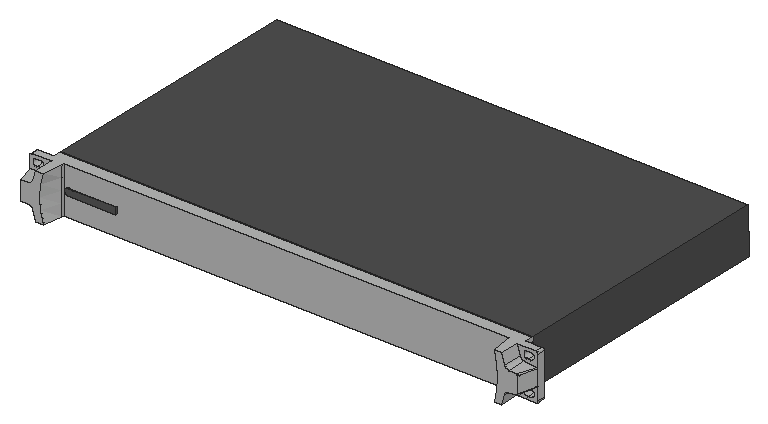
Revit family "DM8500", category Communication Devices, Revit 2020
Family settings
  Maintain Annotation Orientation = No
  Round Connector Dimension = Use Diameter
  Part Type = Normal
  Work Plane-Based = Yes
  Always vertical = No
  Cut with Voids When Loaded = Yes
  Shared = No
  Room Calculation Point = No
Parameters
  Model = "DM8500"
  Manufacturer = "Klark Teknik"
  Default Elevation = 0 mm
Reference planes
  plane 1 "Center (Front/Back)": y = 0
  plane 2: z = 0
  plane 3 "Center (Left/Right)": x = 0
Forms (mm)
  Extrusion 1, solid, material "Aluminium"
    sketch origin (0, 0, 0) x (1, 0, 0) y (0, 0, 1)
      loop
        line (211.182, 43.912) -> (211.182, 0) -> (239.3, 0)
        arc (239.3, 0) -> (240.714, 0.586) -> (241.3, 2) r 2
        line (241.3, 2) -> (241.3, 41.912)
        arc (241.3, 41.912) -> (240.714, 43.327) -> (239.3, 43.912) r 2
        line (239.3, 43.912) -> (211.182, 43.912)
    from 0 to 7
  Blend 2, solid, material "Aluminium"
    base sketch origin (0, 0, 0) x (1, 0, 0) y (0, 0, 1)
      loop
        line (211.182, 0.002) -> (221.174, 0.002) -> (223.887, 9.452)
        arc (223.887, 9.452) -> (225.271, 11.599) -> (227.612, 12.622) r 4.422
        line (227.612, 12.622) -> (240.37, 13.514)
        arc (240.37, 13.514) -> (241.032, 13.83) -> (241.3, 14.511) r 0.999
        line (241.3, 14.511) -> (241.3, 29.403)
        arc (241.3, 29.403) -> (241.032, 30.085) -> (240.37, 30.4) r 0.999
        line (240.37, 30.4) -> (227.612, 31.292)
        arc (227.612, 31.292) -> (225.271, 32.315) -> (223.887, 34.462) r 4.422
        line (223.887, 34.462) -> (221.174, 43.912) -> (211.182, 43.912) -> (211.182, 0.002)
    top sketch origin (0, 0, 0) x (1, 0, 0) y (0, 0, 1)
      loop
        arc (213.996, 43.912) -> (217.745, 21.957) -> (213.996, 0.002) r 66.157
        line (213.996, 0.002) -> (221.174, 0.002) -> (223.887, 9.452)
        arc (223.887, 9.452) -> (225.271, 11.599) -> (227.612, 12.622) r 4.422
        line (227.612, 12.622) -> (235.29, 13.159)
        arc (235.29, 13.159) -> (235.917, 13.439) -> (236.215, 14.057) r 1
        arc (236.215, 14.057) -> (236.609, 21.957) -> (236.216, 29.857) r 79.47
        arc (236.216, 29.857) -> (235.917, 30.475) -> (235.291, 30.755) r 1
        line (235.291, 30.755) -> (227.612, 31.292)
        arc (227.612, 31.292) -> (225.271, 32.315) -> (223.887, 34.462) r 4.422
        line (223.887, 34.462) -> (221.174, 43.912) -> (213.996, 43.912)
    from 7 to 25
  Extrusion 3, void
    sketch origin (0, 0, 0) x (1, 0, 0) y (0, 0, 1)
      loop
        line (231.55, 34.327) -> (234.54, 34.327)
        arc (234.54, 34.327) -> (238.045, 37.832) -> (234.54, 41.337) r 3.505
        line (234.54, 41.337) -> (231.55, 41.337)
        arc (231.55, 41.337) -> (228.045, 37.832) -> (231.55, 34.327) r 3.505
    from 0 to 7
  Extrusion 4, void
    sketch origin (0, 0, 0) x (1, 0, 0) y (0, 0, 1)
      loop
        line (231.55, 2.624) -> (234.54, 2.624)
        arc (234.54, 2.624) -> (238.045, 6.129) -> (234.54, 9.634) r 3.505
        line (234.54, 9.634) -> (231.55, 9.634)
        arc (231.55, 9.634) -> (228.045, 6.129) -> (231.55, 2.624) r 3.505
    from 0 to 7
  Extrusion 5, solid, material "Aluminium"
    sketch origin (0, 0, 0) x (1, 0, 0) y (0, 0, 1)
      loop
        line (211.182, 43.912) -> (-211.182, 43.912) -> (-211.182, 0) -> (211.182, 0) -> (211.182, 43.912)
    from 0 to 4.6
  Extrusion 6, solid, material "Aluminium"
    sketch origin (0, 0, 0) x (-1, 0, 0) y (0, 0, -1)
      loop
        line (211.182, -43.912) -> (239.3, -43.912)
        arc (239.3, -43.912) -> (240.714, -43.327) -> (241.3, -41.912) r 2
        line (241.3, -41.912) -> (241.3, -2)
        arc (241.3, -2) -> (240.714, -0.586) -> (239.3, 0) r 2
        line (239.3, 0) -> (211.182, 0) -> (211.182, -43.912)
    from 0 to 7
  Blend 7, solid, material "Aluminium"
    base sketch origin (0, 0, 0) x (-1, 0, 0) y (0, 0, -1)
      loop
        line (211.182, -0.002) -> (211.182, -43.912) -> (221.174, -43.912) -> (223.887, -34.462)
        arc (223.887, -34.462) -> (225.271, -32.315) -> (227.612, -31.292) r 4.422
        line (227.612, -31.292) -> (240.37, -30.4)
        arc (240.37, -30.4) -> (241.032, -30.085) -> (241.3, -29.403) r 0.999
        line (241.3, -29.403) -> (241.3, -14.511)
        arc (241.3, -14.511) -> (241.032, -13.83) -> (240.37, -13.514) r 0.999
        line (240.37, -13.514) -> (227.612, -12.622)
        arc (227.612, -12.622) -> (225.271, -11.599) -> (223.887, -9.452) r 4.422
        line (223.887, -9.452) -> (221.174, -0.002) -> (211.182, -0.002)
    top sketch origin (0, 0, 0) x (-1, 0, 0) y (0, 0, -1)
      loop
        line (213.996, -43.912) -> (221.174, -43.912) -> (223.887, -34.462)
        arc (223.887, -34.462) -> (225.271, -32.315) -> (227.612, -31.292) r 4.422
        line (227.612, -31.292) -> (235.291, -30.755)
        arc (235.291, -30.755) -> (235.917, -30.475) -> (236.216, -29.857) r 1
        arc (236.216, -29.857) -> (236.609, -21.957) -> (236.215, -14.057) r 79.47
        arc (236.215, -14.057) -> (235.917, -13.439) -> (235.29, -13.159) r 1
        line (235.29, -13.159) -> (227.612, -12.622)
        arc (227.612, -12.622) -> (225.271, -11.599) -> (223.887, -9.452) r 4.422
        line (223.887, -9.452) -> (221.174, -0.002) -> (213.996, -0.002)
        arc (213.996, -0.002) -> (217.745, -21.957) -> (213.996, -43.912) r 66.157
    from 7 to 25
  Extrusion 8, void
    sketch origin (0, 0, 0) x (-1, 0, 0) y (0, 0, -1)
      loop
        arc (231.55, -34.327) -> (228.045, -37.832) -> (231.55, -41.337) r 3.505
        line (231.55, -41.337) -> (234.54, -41.337)
        arc (234.54, -41.337) -> (238.045, -37.832) -> (234.54, -34.327) r 3.505
        line (234.54, -34.327) -> (231.55, -34.327)
    from 0 to 7
  Extrusion 9, void
    sketch origin (0, 0, 0) x (-1, 0, 0) y (0, 0, -1)
      loop
        arc (231.55, -2.624) -> (228.045, -6.129) -> (231.55, -9.634) r 3.505
        line (231.55, -9.634) -> (234.54, -9.634)
        arc (234.54, -9.634) -> (238.045, -6.129) -> (234.54, -2.624) r 3.505
        line (234.54, -2.624) -> (231.55, -2.624)
    from 0 to 7
  Extrusion 10, solid, material "Aluminium"
    sketch origin (0, 0, 0) x (1, 0, 0) y (0, 0, 1)
      loop
        line (-223.996, 0) -> (223.996, 0) -> (223.996, 43.914) -> (-223.996, 43.914) -> (-223.996, 0)
    from 0 to -8
  Extrusion 11, solid, material "ABS - Black"
    sketch origin (0, 0, 0) x (1, 0, 0) y (0, 0, 1)
      loop
        arc (-206.204, 25.047) -> (-209.295, 21.957) -> (-206.204, 18.867) r 3.09
        line (-206.204, 18.867) -> (-161.295, 18.867) -> (-161.295, 25.047) -> (-206.204, 25.047)
    from 4.6 to 5.6
  Extrusion 12, solid, material "Steel, Paint Finish, Black"
    sketch origin (0, 0, 0) x (1, 0, 0) y (0, 0, 1)
      loop
        line (-223.996, 0) -> (223.996, 0) -> (223.996, 43.914) -> (-223.996, 43.914) -> (-223.996, 0)
    from -8 to -264
Cuts and joins
  Extrusion 3, Extrusion 4, Extrusion 8, Extrusion 9 cuts Extrusion 1
  Extrusion 8, Extrusion 9 cuts Extrusion 6
  joined: Extrusion 1, Blend 2, Extrusion 5, Extrusion 6, Blend 7, Extrusion 10
Lines and regions (mm)
  Split face 1
    outline origin (0, -4.6, 0) x (1, 0, 0) y (0, 0, 1)
      loop
        line (211.182, 3.234) -> (99.862, 3.234) -> (99.862, 40.681) -> (211.182, 40.681)
  Split face 2
    outline origin (0, -4.6, 0) x (1, 0, 0) y (0, 0, 1)
      loop
        line (-211.182, 40.681) -> (-99.861, 40.681) -> (-99.861, 3.234) -> (-211.182, 3.234)
  Split face 3
    outline origin (0, -4.6, 0) x (1, 0, 0) y (0, 0, 1)
      loop
        line (-203.762, 38.457) -> (-203.762, 5.457) -> (-101.262, 5.457) -> (-101.262, 38.457) -> (-203.762, 38.457)
  Split face 4
    outline origin (0, -4.6, 0) x (1, 0, 0) y (0, 0, 1)
      loop
        line (101.262, 38.457) -> (101.262, 5.457) -> (203.762, 5.457) -> (203.762, 38.457) -> (101.262, 38.457)
  Split face 5
    outline origin (0, -4.6, 0) x (1, 0, 0) y (0, 0, 1)
      loop
        line (-99.861, 40.681) -> (99.862, 40.681)
  Split face 6
    outline origin (0, -4.6, 0) x (1, 0, 0) y (0, 0, 1)
      loop
        line (99.862, 3.234) -> (-99.861, 3.234)
  Split face 7
    outline origin (4.229, 264, 1.972) x (1, 0, 0) y (0, 0, 1)
      loop
        line (191.945, 33.85) -> (172.545, 33.85)
        arc (172.545, 33.85) -> (168.656, 32.239) -> (167.045, 28.35) r 5.5
        line (167.045, 28.35) -> (167.045, 16.95)
        arc (167.045, 16.95) -> (168.656, 13.061) -> (172.545, 11.45) r 5.5
        line (172.545, 11.45) -> (191.945, 11.45)
        arc (191.945, 11.45) -> (195.834, 13.061) -> (197.445, 16.95) r 5.5
        line (197.445, 16.95) -> (197.445, 28.35)
        arc (197.445, 28.35) -> (195.834, 32.239) -> (191.945, 33.85) r 5.5
  Split face 8
    outline origin (4.229, 264, 1.972) x (1, 0, 0) y (0, 0, 1)
      loop
        line (194.056, 26.692) -> (190.288, 30.46)
        arc (190.288, 30.46) -> (189.801, 30.785) -> (189.227, 30.9) r 1.5
        line (189.227, 30.9) -> (175.263, 30.9)
        arc (175.263, 30.9) -> (174.689, 30.785) -> (174.202, 30.46) r 1.5
        line (174.202, 30.46) -> (170.434, 26.692)
        arc (170.434, 26.692) -> (170.109, 26.206) -> (169.995, 25.632) r 1.5
        line (169.995, 25.632) -> (169.995, 17.15)
        arc (169.995, 17.15) -> (170.8, 15.205) -> (172.745, 14.4) r 2.75
        line (172.745, 14.4) -> (191.745, 14.4)
        arc (191.745, 14.4) -> (193.69, 15.205) -> (194.495, 17.15) r 2.75
        line (194.495, 17.15) -> (194.495, 25.632)
        arc (194.495, 25.632) -> (194.381, 26.206) -> (194.056, 26.692) r 1.5
  Split face 9
    outline origin (4.229, 264, 1.972) x (1, 0, 0) y (0, 0, 1)
      loop
        line (190.245, 22.65) -> (188.245, 22.65) -> (188.245, 18.65) -> (190.245, 18.65) -> (190.245, 22.65)
  Split face 10
    outline origin (4.229, 264, 1.972) x (1, 0, 0) y (0, 0, 1)
      loop
        line (183.245, 22.65) -> (183.245, 26.65) -> (181.245, 26.65) -> (181.245, 22.65) -> (183.245, 22.65)
  Split face 11
    outline origin (4.229, 264, 1.972) x (1, 0, 0) y (0, 0, 1)
      loop
        line (176.245, 22.65) -> (174.245, 22.65) -> (174.245, 18.65) -> (176.245, 18.65) -> (176.245, 22.65)
  Split face 12
    outline origin (22.381, 264, 3.585) x (1, 0, 0) y (0, 0, 1)
      loop
        line (110.717, 34.95) -> (93.117, 34.95) -> (93.117, 7.45) -> (110.717, 7.45) -> (110.717, 34.95)
  Split face 13
    outline origin (-144.129, 264, 20.908) x (1, 0, 0) y (0, 0, 1)
      loop
        line (136.296, 18.95) -> (134.096, 18.95) -> (134.096, 16.45) -> (104.355, 16.45) -> (104.355, 18.95) -> (102.155, 18.95) -> (102.155, 16.45) -> (98.645, 16.45) -> (98.645, 7.35) -> (139.954, 7.35) -> (139.954, 16.45) -> (136.296, 16.45) -> (136.296, 18.95)
  Split face 14
    outline origin (-144.129, 264, 20.908) x (1, 0, 0) y (0, 0, 1)
      loop
        line (139.7, 16.15) -> (98.75, 16.15) -> (98.75, 10.099)
        arc (98.75, 10.099) -> (101.448, 9.155) -> (104.222, 9.843) r 5
        arc (104.222, 9.843) -> (106.762, 9.15) -> (109.302, 9.843) r 5
        arc (109.302, 9.843) -> (111.818, 9.15) -> (114.341, 9.819) r 5
        arc (114.341, 9.819) -> (116.864, 9.15) -> (119.38, 9.843) r 5
        arc (119.38, 9.843) -> (121.92, 9.15) -> (124.46, 9.843) r 5
        arc (124.46, 9.843) -> (127, 9.15) -> (129.54, 9.843) r 5
        arc (129.54, 9.843) -> (132.08, 9.15) -> (134.62, 9.843) r 5
        arc (134.62, 9.843) -> (137.16, 9.15) -> (139.7, 9.843) r 5
        line (139.7, 9.843) -> (139.7, 16.15)
  Split face 15
    outline origin (22.381, 264, 3.585) x (1, 0, 0) y (0, 0, 1)
      loop
        line (108.417, 18.55) -> (95.417, 18.55) -> (95.417, 12.55) -> (98.417, 12.55) -> (98.417, 9.55) -> (100.417, 9.55) -> (100.417, 8.55) -> (103.417, 8.55) -> (103.417, 9.55) -> (105.417, 9.55) -> (105.417, 12.55) -> (108.417, 12.55) -> (108.417, 18.55)
  Split face 16
    outline origin (22.381, 264, 3.585) x (1, 0, 0) y (0, 0, 1)
      loop
        line (95.417, 22.549) -> (108.417, 22.549) -> (108.417, 28.549) -> (105.417, 28.549) -> (105.417, 31.549) -> (103.417, 31.549) -> (103.417, 32.549) -> (100.417, 32.549) -> (100.417, 31.549) -> (98.417, 31.549) -> (98.417, 28.549) -> (95.417, 28.549) -> (95.417, 22.549)
  Split face 17
    outline origin (-3.041, 264, 3.638) x (1, 0, 0) y (0, 0, 1)
      loop
        line (69.469, 7.35) -> (69.469, 16.45) -> (66.035, 16.45) -> (66.035, 18.95) -> (63.835, 18.95) -> (63.835, 16.45) -> (59.355, 16.45) -> (59.355, 18.95) -> (57.155, 18.95) -> (57.155, 16.45) -> (50.16, 16.45) -> (50.16, 18.95) -> (47.96, 18.95) -> (47.96, 16.45) -> (43.48, 16.45) -> (43.48, 18.95) -> (41.28, 18.95) -> (41.28, 16.45) -> (37.846, 16.45) -> (37.846, 7.35) -> (69.469, 7.35)
  Split face 18
    outline origin (-3.041, 264, 3.638) x (1, 0, 0) y (0, 0, 1)
      loop
        line (33.909, 7.35) -> (33.909, 16.45) -> (30.475, 16.45) -> (30.475, 18.95) -> (28.275, 18.95) -> (28.275, 16.45) -> (23.795, 16.45) -> (23.795, 18.95) -> (21.595, 18.95) -> (21.595, 16.45) -> (14.6, 16.45) -> (14.6, 18.95) -> (12.4, 18.95) -> (12.4, 16.45) -> (7.92, 16.45) -> (7.92, 18.95) -> (5.72, 18.95) -> (5.72, 16.45) -> (2.286, 16.45) -> (2.286, 7.35) -> (33.909, 7.35)
  Split face 19
    outline origin (-3.041, 264, 3.638) x (1, 0, 0) y (0, 0, 1)
      loop
        line (-1.651, 7.35) -> (-1.651, 16.45) -> (-5.085, 16.45) -> (-5.085, 18.95) -> (-7.285, 18.95) -> (-7.285, 16.45) -> (-11.765, 16.45) -> (-11.765, 18.95) -> (-13.965, 18.95) -> (-13.965, 16.45) -> (-20.96, 16.45) -> (-20.96, 18.95) -> (-23.16, 18.95) -> (-23.16, 16.45) -> (-27.64, 16.45) -> (-27.64, 18.95) -> (-29.84, 18.95) -> (-29.84, 16.45) -> (-33.274, 16.45) -> (-33.274, 7.35) -> (-1.651, 7.35)
  Split face 20
    outline origin (-3.041, 264, 3.638) x (1, 0, 0) y (0, 0, 1)
      loop
        line (-37.211, 7.35) -> (-37.211, 16.45) -> (-40.645, 16.45) -> (-40.645, 18.95) -> (-42.845, 18.95) -> (-42.845, 16.45) -> (-47.325, 16.45) -> (-47.325, 18.95) -> (-49.525, 18.95) -> (-49.525, 16.45) -> (-56.52, 16.45) -> (-56.52, 18.95) -> (-58.72, 18.95) -> (-58.72, 16.45) -> (-63.2, 16.45) -> (-63.2, 18.95) -> (-65.4, 18.95) -> (-65.4, 16.45) -> (-68.834, 16.45) -> (-68.834, 7.35) -> (-37.211, 7.35)
  Split face 21
    outline origin (-3.041, 264, 3.638) x (1, 0, 0) y (0, 0, 1)
      loop
        line (-72.771, 7.35) -> (-72.771, 16.45) -> (-76.205, 16.45) -> (-76.205, 18.95) -> (-78.405, 18.95) -> (-78.405, 16.45) -> (-82.885, 16.45) -> (-82.885, 18.95) -> (-85.085, 18.95) -> (-85.085, 16.45) -> (-92.08, 16.45) -> (-92.08, 18.95) -> (-94.28, 18.95) -> (-94.28, 16.45) -> (-98.76, 16.45) -> (-98.76, 18.95) -> (-100.96, 18.95) -> (-100.96, 16.45) -> (-104.394, 16.45) -> (-104.394, 7.35) -> (-72.771, 7.35)
  Split face 22
    outline origin (-3.041, 264, 3.638) x (1, 0, 0) y (0, 0, 1)
      loop
        line (-108.331, 7.35) -> (-108.331, 16.45) -> (-111.765, 16.45) -> (-111.765, 18.95) -> (-113.965, 18.95) -> (-113.965, 16.45) -> (-118.445, 16.45) -> (-118.445, 18.95) -> (-120.645, 18.95) -> (-120.645, 16.45) -> (-127.64, 16.45) -> (-127.64, 18.95) -> (-129.84, 18.95) -> (-129.84, 16.45) -> (-134.32, 16.45) -> (-134.32, 18.95) -> (-136.52, 18.95) -> (-136.52, 16.45) -> (-139.954, 16.45) -> (-139.954, 7.35) -> (-108.331, 7.35)
  Split face 23
    outline origin (-3.041, 264, 3.638) x (1, 0, 0) y (0, 0, 1)
      loop
        line (-143.891, 7.35) -> (-143.891, 16.45) -> (-147.325, 16.45) -> (-147.325, 18.95) -> (-149.525, 18.95) -> (-149.525, 16.45) -> (-154.005, 16.45) -> (-154.005, 18.95) -> (-156.205, 18.95) -> (-156.205, 16.45) -> (-163.2, 16.45) -> (-163.2, 18.95) -> (-165.4, 18.95) -> (-165.4, 16.45) -> (-169.88, 16.45) -> (-169.88, 18.95) -> (-172.08, 18.95) -> (-172.08, 16.45) -> (-175.514, 16.45) -> (-175.514, 7.35) -> (-143.891, 7.35)
  Split face 24
    outline origin (-3.041, 264, 3.638) x (1, 0, 0) y (0, 0, 1)
      loop
        line (-179.451, 7.35) -> (-179.451, 16.45) -> (-182.885, 16.45) -> (-182.885, 18.95) -> (-185.085, 18.95) -> (-185.085, 16.45) -> (-189.565, 16.45) -> (-189.565, 18.95) -> (-191.765, 18.95) -> (-191.765, 16.45) -> (-198.76, 16.45) -> (-198.76, 18.95) -> (-200.96, 18.95) -> (-200.96, 16.45) -> (-205.44, 16.45) -> (-205.44, 18.95) -> (-207.64, 18.95) -> (-207.64, 16.45) -> (-211.074, 16.45) -> (-211.074, 7.35) -> (-179.451, 7.35)
  Split face 25
    outline origin (-3.041, 264, 3.638) x (1, 0, 0) y (0, 0, 1)
      loop
        line (69.215, 16.15) -> (53.975, 16.15) -> (53.975, 9.843)
        arc (53.975, 9.843) -> (56.515, 9.15) -> (59.055, 9.843) r 5
        arc (59.055, 9.843) -> (61.595, 9.15) -> (64.135, 9.843) r 5
        arc (64.135, 9.843) -> (66.675, 9.15) -> (69.215, 9.843) r 5
        line (69.215, 9.843) -> (69.215, 16.15)
  Split face 26
    outline origin (-3.041, 264, 3.638) x (1, 0, 0) y (0, 0, 1)
      loop
        line (53.34, 16.15) -> (38.1, 16.15) -> (38.1, 9.843)
        arc (38.1, 9.843) -> (40.64, 9.15) -> (43.18, 9.843) r 5
        arc (43.18, 9.843) -> (45.72, 9.15) -> (48.26, 9.843) r 5
        arc (48.26, 9.843) -> (50.8, 9.15) -> (53.34, 9.843) r 5
        line (53.34, 9.843) -> (53.34, 16.15)
  Split face 27
    outline origin (-3.041, 264, 3.638) x (1, 0, 0) y (0, 0, 1)
      loop
        line (33.655, 16.15) -> (18.415, 16.15) -> (18.415, 9.843)
        arc (18.415, 9.843) -> (20.955, 9.15) -> (23.495, 9.843) r 5
        arc (23.495, 9.843) -> (26.035, 9.15) -> (28.575, 9.843) r 5
        arc (28.575, 9.843) -> (31.115, 9.15) -> (33.655, 9.843) r 5
        line (33.655, 9.843) -> (33.655, 16.15)
  Split face 28
    outline origin (-3.041, 264, 3.638) x (1, 0, 0) y (0, 0, 1)
      loop
        line (17.78, 16.15) -> (2.54, 16.15) -> (2.54, 9.843)
        arc (2.54, 9.843) -> (5.08, 9.15) -> (7.62, 9.843) r 5
        arc (7.62, 9.843) -> (10.16, 9.15) -> (12.7, 9.843) r 5
        arc (12.7, 9.843) -> (15.24, 9.15) -> (17.78, 9.843) r 5
        line (17.78, 9.843) -> (17.78, 16.15)
  Split face 29
    outline origin (-3.041, 264, 3.638) x (1, 0, 0) y (0, 0, 1)
      loop
        line (-1.905, 16.15) -> (-17.145, 16.15) -> (-17.145, 9.843)
        arc (-17.145, 9.843) -> (-14.605, 9.15) -> (-12.065, 9.843) r 5
        arc (-12.065, 9.843) -> (-9.525, 9.15) -> (-6.985, 9.843) r 5
        arc (-6.985, 9.843) -> (-4.445, 9.15) -> (-1.905, 9.843) r 5
        line (-1.905, 9.843) -> (-1.905, 16.15)
  Split face 30
    outline origin (-3.041, 264, 3.638) x (1, 0, 0) y (0, 0, 1)
      loop
        line (-17.78, 16.15) -> (-33.02, 16.15) -> (-33.02, 9.843)
        arc (-33.02, 9.843) -> (-30.48, 9.15) -> (-27.94, 9.843) r 5
        arc (-27.94, 9.843) -> (-25.4, 9.15) -> (-22.86, 9.843) r 5
        arc (-22.86, 9.843) -> (-20.32, 9.15) -> (-17.78, 9.843) r 5
        line (-17.78, 9.843) -> (-17.78, 16.15)
  Split face 31
    outline origin (-3.041, 264, 3.638) x (1, 0, 0) y (0, 0, 1)
      loop
        line (-37.465, 16.15) -> (-52.705, 16.15) -> (-52.705, 9.843)
        arc (-52.705, 9.843) -> (-50.165, 9.15) -> (-47.625, 9.843) r 5
        arc (-47.625, 9.843) -> (-45.085, 9.15) -> (-42.545, 9.843) r 5
        arc (-42.545, 9.843) -> (-40.005, 9.15) -> (-37.465, 9.843) r 5
        line (-37.465, 9.843) -> (-37.465, 16.15)
  Split face 32
    outline origin (-3.041, 264, 3.638) x (1, 0, 0) y (0, 0, 1)
      loop
        line (-53.34, 16.15) -> (-68.58, 16.15) -> (-68.58, 9.843)
        arc (-68.58, 9.843) -> (-66.04, 9.15) -> (-63.5, 9.843) r 5
        arc (-63.5, 9.843) -> (-60.96, 9.15) -> (-58.42, 9.843) r 5
        arc (-58.42, 9.843) -> (-55.88, 9.15) -> (-53.34, 9.843) r 5
        line (-53.34, 9.843) -> (-53.34, 16.15)
  Split face 33
    outline origin (-3.041, 264, 3.638) x (1, 0, 0) y (0, 0, 1)
      loop
        line (-73.025, 16.15) -> (-88.265, 16.15) -> (-88.265, 9.843)
        arc (-88.265, 9.843) -> (-85.725, 9.15) -> (-83.185, 9.843) r 5
        arc (-83.185, 9.843) -> (-80.645, 9.15) -> (-78.105, 9.843) r 5
        arc (-78.105, 9.843) -> (-75.565, 9.15) -> (-73.025, 9.843) r 5
        line (-73.025, 9.843) -> (-73.025, 16.15)
  Split face 34
    outline origin (-3.041, 264, 3.638) x (1, 0, 0) y (0, 0, 1)
      loop
        line (-88.9, 16.15) -> (-104.14, 16.15) -> (-104.14, 9.843)
        arc (-104.14, 9.843) -> (-101.6, 9.15) -> (-99.06, 9.843) r 5
        arc (-99.06, 9.843) -> (-96.52, 9.15) -> (-93.98, 9.843) r 5
        arc (-93.98, 9.843) -> (-91.44, 9.15) -> (-88.9, 9.843) r 5
        line (-88.9, 9.843) -> (-88.9, 16.15)
  Split face 35
    outline origin (-3.041, 264, 3.638) x (1, 0, 0) y (0, 0, 1)
      loop
        line (-108.585, 16.15) -> (-123.825, 16.15) -> (-123.825, 9.843)
        arc (-123.825, 9.843) -> (-121.285, 9.15) -> (-118.745, 9.843) r 5
        arc (-118.745, 9.843) -> (-116.205, 9.15) -> (-113.665, 9.843) r 5
        arc (-113.665, 9.843) -> (-111.125, 9.15) -> (-108.585, 9.843) r 5
        line (-108.585, 9.843) -> (-108.585, 16.15)
  Split face 36
    outline origin (-3.041, 264, 3.638) x (1, 0, 0) y (0, 0, 1)
      loop
        line (-124.46, 16.15) -> (-139.7, 16.15) -> (-139.7, 9.843)
        arc (-139.7, 9.843) -> (-137.16, 9.15) -> (-134.62, 9.843) r 5
        arc (-134.62, 9.843) -> (-132.08, 9.15) -> (-129.54, 9.843) r 5
        arc (-129.54, 9.843) -> (-127, 9.15) -> (-124.46, 9.843) r 5
        line (-124.46, 9.843) -> (-124.46, 16.15)
  Split face 37
    outline origin (-3.041, 264, 3.638) x (1, 0, 0) y (0, 0, 1)
      loop
        line (-144.145, 16.15) -> (-159.385, 16.15) -> (-159.385, 9.843)
        arc (-159.385, 9.843) -> (-156.845, 9.15) -> (-154.305, 9.843) r 5
        arc (-154.305, 9.843) -> (-151.765, 9.15) -> (-149.225, 9.843) r 5
        arc (-149.225, 9.843) -> (-146.685, 9.15) -> (-144.145, 9.843) r 5
        line (-144.145, 9.843) -> (-144.145, 16.15)
  Split face 38
    outline origin (-3.041, 264, 3.638) x (1, 0, 0) y (0, 0, 1)
      loop
        line (-160.02, 16.15) -> (-175.26, 16.15) -> (-175.26, 9.843)
        arc (-175.26, 9.843) -> (-172.72, 9.15) -> (-170.18, 9.843) r 5
        arc (-170.18, 9.843) -> (-167.64, 9.15) -> (-165.1, 9.843) r 5
        arc (-165.1, 9.843) -> (-162.56, 9.15) -> (-160.02, 9.843) r 5
        line (-160.02, 9.843) -> (-160.02, 16.15)
  Split face 39
    outline origin (-3.041, 264, 3.638) x (1, 0, 0) y (0, 0, 1)
      loop
        line (-179.705, 16.15) -> (-194.945, 16.15) -> (-194.945, 9.843)
        arc (-194.945, 9.843) -> (-192.405, 9.15) -> (-189.865, 9.843) r 5
        arc (-189.865, 9.843) -> (-187.325, 9.15) -> (-184.785, 9.843) r 5
        arc (-184.785, 9.843) -> (-182.245, 9.15) -> (-179.705, 9.843) r 5
        line (-179.705, 9.843) -> (-179.705, 16.15)
  Split face 40
    outline origin (-3.041, 264, 3.638) x (1, 0, 0) y (0, 0, 1)
      loop
        line (-195.58, 16.15) -> (-210.82, 16.15) -> (-210.82, 9.843)
        arc (-210.82, 9.843) -> (-208.28, 9.15) -> (-205.74, 9.843) r 5
        arc (-205.74, 9.843) -> (-203.2, 9.15) -> (-200.66, 9.843) r 5
        arc (-200.66, 9.843) -> (-198.12, 9.15) -> (-195.58, 9.843) r 5
        line (-195.58, 9.843) -> (-195.58, 16.15)
  Split face 41
    outline origin (211.182, -4.6, 43.912) x (0, 0, 1) y (-1, 0, 0)
      loop
        line (-22.413, 294.3) -> (-22.413, 292.171)
        arc (-22.413, 292.171) -> (-21.9, 291.657) -> (-21.386, 292.171) r 0.514
        line (-21.386, 292.171) -> (-21.386, 294.3)
        arc (-21.386, 294.3) -> (-21.9, 294.813) -> (-22.413, 294.3) r 0.514
  Split face 42
    outline origin (211.182, -4.6, 43.912) x (0, 0, 1) y (-1, 0, 0)
      loop
        line (-22.413, 264.426) -> (-22.413, 262.297)
        arc (-22.413, 262.297) -> (-21.9, 261.784) -> (-21.386, 262.297) r 0.514
        line (-21.386, 262.297) -> (-21.386, 264.426)
        arc (-21.386, 264.426) -> (-21.9, 264.94) -> (-22.413, 264.426) r 0.514
  Split face 43
    outline origin (211.182, -4.6, 43.912) x (0, 0, 1) y (-1, 0, 0)
      loop
        line (-22.413, 234.627) -> (-22.413, 232.499)
        arc (-22.413, 232.499) -> (-21.9, 231.985) -> (-21.386, 232.499) r 0.514
        line (-21.386, 232.499) -> (-21.386, 234.627)
        arc (-21.386, 234.627) -> (-21.9, 235.141) -> (-22.413, 234.627) r 0.514
  Split face 44
    outline origin (211.091, -4.6, 43.934) x (0, 0, 1) y (-1, 0, 0)
      loop
        circle (-22.344, 125.392) r 4.753
  Split face 45
    outline origin (0, 264, 0) x (1, 0, 0) y (0, 0, 1)
      loop
        line (56.659, 39.513) -> (44.855, 39.513) -> (44.855, 28.858) -> (56.659, 28.858) -> (56.659, 39.513)
  Split face 46
    outline origin (0, 264, 0) x (1, 0, 0) y (0, 0, 1)
      loop
        line (54.114, 38.287) -> (47.402, 38.287) -> (46.255, 37.141) -> (46.255, 31.384)
        arc (46.255, 31.384) -> (46.636, 30.465) -> (47.555, 30.084) r 1.3
        line (47.555, 30.084) -> (53.963, 30.084)
        arc (53.963, 30.084) -> (54.879, 30.464) -> (55.259, 31.379) r 1.295
        line (55.259, 31.379) -> (55.259, 37.139) -> (54.114, 38.287)
  Split face 47
    outline origin (0, 264, 0) x (1, 0, 0) y (0, 0, 1)
      loop
        line (23.167, 39.973) -> (8.021, 39.973)
        arc (8.021, 39.973) -> (6.789, 39.402) -> (6.43, 38.092) r 1.613
        line (6.43, 38.092) -> (7.652, 30.819)
        arc (7.652, 30.819) -> (8.213, 29.803) -> (9.288, 29.362) r 1.749
        line (9.288, 29.362) -> (21.9, 29.362)
        arc (21.9, 29.362) -> (22.974, 29.803) -> (23.536, 30.819) r 1.749
        line (23.536, 30.819) -> (24.758, 38.092)
        arc (24.758, 38.092) -> (24.399, 39.402) -> (23.167, 39.973) r 1.613
  Split face 48
    outline origin (0, 264, 0) x (1, 0, 0) y (0, 0, 1)
      loop
        line (21.747, 38.482) -> (9.306, 38.482)
        arc (9.306, 38.482) -> (8.422, 38.074) -> (8.157, 37.138) r 1.163
        line (8.157, 37.138) -> (8.931, 32.224)
        arc (8.931, 32.224) -> (9.337, 31.498) -> (10.118, 31.21) r 1.201
        line (10.118, 31.21) -> (20.935, 31.21)
        arc (20.935, 31.21) -> (21.716, 31.498) -> (22.122, 32.224) r 1.201
        line (22.122, 32.224) -> (22.896, 37.138)
        arc (22.896, 37.138) -> (22.631, 38.074) -> (21.747, 38.482) r 1.163
  Split face 49
    outline origin (0, 264, 0) x (1, 0, 0) y (0, 0, 1)
      loop
        line (107.687, 11.035) -> (107.687, 38.535) -> (90.007, 38.535) -> (90.007, 11.035) -> (107.687, 11.035)
  Split face 50
    outline origin (0, 264, 0) x (1, 0, 0) y (0, 0, 1)
      loop
        line (105.207, 22.135) -> (92.207, 22.135) -> (92.207, 16.135) -> (95.207, 16.135) -> (95.207, 13.135) -> (97.207, 13.135) -> (97.207, 12.135) -> (100.207, 12.135) -> (100.207, 13.135) -> (102.207, 13.135) -> (102.207, 16.135) -> (105.207, 16.135) -> (105.207, 22.135)
  Split face 51
    outline origin (0, 264, 0) x (1, 0, 0) y (0, 0, 1)
      loop
        line (92.181, 26.134) -> (105.181, 26.134) -> (105.181, 32.134) -> (102.181, 32.134) -> (102.181, 35.134) -> (100.181, 35.134) -> (100.181, 36.134) -> (97.181, 36.134) -> (97.181, 35.134) -> (95.181, 35.134) -> (95.181, 32.134) -> (92.181, 32.134) -> (92.181, 26.134)
Dimensions and locks
  aligned and locked: level to plane 2
Connectors
  electrical at (-206.241, 264, 15.583)
    settings: on Extrusion 12, index 1, voltage 0 V, apparent load 0 VA, apparent load phase1 0 VA, apparent load phase2 0 VA, apparent load phase3 0 VA, power factor 1, load classification "Other", number of poles 1, system type 14, power factor state 1, is connector primary yes, connector utility no, sub classification motor no, connector description "Analog In - 3pin"
  electrical at (-190.366, 264, 15.583)
    settings: on Extrusion 12, index 2, voltage 0 V, apparent load 0 VA, apparent load phase1 0 VA, apparent load phase2 0 VA, apparent load phase3 0 VA, power factor 1, load classification "Other", number of poles 1, system type 14, power factor state 1, is connector primary no, connector utility no, sub classification motor no, connector description "Analog In - 3pin"
  electrical at (-170.681, 264, 15.583)
    settings: on Extrusion 12, index 3, voltage 0 V, apparent load 0 VA, apparent load phase1 0 VA, apparent load phase2 0 VA, apparent load phase3 0 VA, power factor 1, load classification "Other", number of poles 1, system type 14, power factor state 1, is connector primary no, connector utility no, sub classification motor no, connector description "Analog In - 3pin"
  electrical at (-154.806, 264, 15.583)
    settings: on Extrusion 12, index 4, voltage 0 V, apparent load 0 VA, apparent load phase1 0 VA, apparent load phase2 0 VA, apparent load phase3 0 VA, power factor 1, load classification "Other", number of poles 1, system type 14, power factor state 1, is connector primary no, connector utility no, sub classification motor no, connector description "Analog In - 3pin"
  electrical at (-135.121, 264, 15.583)
    settings: on Extrusion 12, index 5, voltage 0 V, apparent load 0 VA, apparent load phase1 0 VA, apparent load phase2 0 VA, apparent load phase3 0 VA, power factor 1, load classification "Other", number of poles 1, system type 14, power factor state 1, is connector primary no, connector utility no, sub classification motor no, connector description "Analog In - 3pin"
  electrical at (-119.246, 264, 15.583)
    settings: on Extrusion 12, index 6, voltage 0 V, apparent load 0 VA, apparent load phase1 0 VA, apparent load phase2 0 VA, apparent load phase3 0 VA, power factor 1, load classification "Other", number of poles 1, system type 14, power factor state 1, is connector primary no, connector utility no, sub classification motor no, connector description "Analog In - 3pin"
  electrical at (-99.561, 264, 15.583)
    settings: on Extrusion 12, index 7, voltage 0 V, apparent load 0 VA, apparent load phase1 0 VA, apparent load phase2 0 VA, apparent load phase3 0 VA, power factor 1, load classification "Other", number of poles 1, system type 14, power factor state 1, is connector primary no, connector utility no, sub classification motor no, connector description "Analog In - 3pin"
  electrical at (-83.686, 264, 15.583)
    settings: on Extrusion 12, index 8, voltage 0 V, apparent load 0 VA, apparent load phase1 0 VA, apparent load phase2 0 VA, apparent load phase3 0 VA, power factor 1, load classification "Other", number of poles 1, system type 14, power factor state 1, is connector primary no, connector utility no, sub classification motor no, connector description "Analog In - 3pin"
  electrical at (-64.001, 264, 15.583)
    settings: on Extrusion 12, index 9, voltage 0 V, apparent load 0 VA, apparent load phase1 0 VA, apparent load phase2 0 VA, apparent load phase3 0 VA, power factor 1, load classification "Other", number of poles 1, system type 14, power factor state 1, is connector primary no, connector utility no, sub classification motor no, connector description "Analog In - 3pin"
  electrical at (-48.126, 264, 15.583)
    settings: on Extrusion 12, index 10, voltage 0 V, apparent load 0 VA, apparent load phase1 0 VA, apparent load phase2 0 VA, apparent load phase3 0 VA, power factor 1, load classification "Other", number of poles 1, system type 14, power factor state 1, is connector primary no, connector utility no, sub classification motor no, connector description "Analog In - 3pin"
  electrical at (-28.441, 264, 15.583)
    settings: on Extrusion 12, index 11, voltage 0 V, apparent load 0 VA, apparent load phase1 0 VA, apparent load phase2 0 VA, apparent load phase3 0 VA, power factor 1, load classification "Other", number of poles 1, system type 14, power factor state 1, is connector primary no, connector utility no, sub classification motor no, connector description "Analog Out - 3pin"
  electrical at (-12.566, 264, 15.583)
    settings: on Extrusion 12, index 12, voltage 0 V, apparent load 0 VA, apparent load phase1 0 VA, apparent load phase2 0 VA, apparent load phase3 0 VA, power factor 1, load classification "Other", number of poles 1, system type 14, power factor state 1, is connector primary no, connector utility no, sub classification motor no, connector description "Analog Out - 3pin"
  electrical at (7.119, 264, 15.583)
    settings: on Extrusion 12, index 13, voltage 0 V, apparent load 0 VA, apparent load phase1 0 VA, apparent load phase2 0 VA, apparent load phase3 0 VA, power factor 1, load classification "Other", number of poles 1, system type 14, power factor state 1, is connector primary no, connector utility no, sub classification motor no, connector description "Analog Out - 3pin"
  electrical at (22.994, 264, 15.583)
    settings: on Extrusion 12, index 14, voltage 0 V, apparent load 0 VA, apparent load phase1 0 VA, apparent load phase2 0 VA, apparent load phase3 0 VA, power factor 1, load classification "Other", number of poles 1, system type 14, power factor state 1, is connector primary no, connector utility no, sub classification motor no, connector description "Analog Out - 3pin"
  electrical at (42.679, 264, 15.583)
    settings: on Extrusion 12, index 15, voltage 0 V, apparent load 0 VA, apparent load phase1 0 VA, apparent load phase2 0 VA, apparent load phase3 0 VA, power factor 1, load classification "Other", number of poles 1, system type 14, power factor state 1, is connector primary no, connector utility no, sub classification motor no, connector description "Analog Out - 3pin"
  electrical at (58.554, 264, 15.583)
    settings: on Extrusion 12, index 16, voltage 0 V, apparent load 0 VA, apparent load phase1 0 VA, apparent load phase2 0 VA, apparent load phase3 0 VA, power factor 1, load classification "Other", number of poles 1, system type 14, power factor state 1, is connector primary no, connector utility no, sub classification motor no, connector description "Analog Out - 3pin"
  electrical at (-24.786, 264, 31.918)
    settings: on Extrusion 12, index 17, voltage 0 V, apparent load 0 VA, apparent load phase1 0 VA, apparent load phase2 0 VA, apparent load phase3 0 VA, power factor 1, load classification "Other", number of poles 1, system type 13, power factor state 1, is connector primary no, connector utility no, sub classification motor no, connector description "GPIO - 8pin"
  electrical at (15.526, 264, 34.763)
    settings: on Extrusion 12, index 18, voltage 0 V, apparent load 0 VA, apparent load phase1 0 VA, apparent load phase2 0 VA, apparent load phase3 0 VA, power factor 1, load classification "Other", number of poles 1, system type 14, power factor state 1, is connector primary no, connector utility no, sub classification motor no, connector description "DB9 - RS232"
  electrical at (50.758, 264, 34.223)
    settings: on Extrusion 12, index 19, voltage 0 V, apparent load 0 VA, apparent load phase1 0 VA, apparent load phase2 0 VA, apparent load phase3 0 VA, power factor 1, load classification "Other", number of poles 1, system type 14, power factor state 1, is connector primary no, connector utility no, sub classification motor no, connector description "USB-B"
  electrical at (98.387, 264, 15.468)
    settings: on Extrusion 12, index 20, voltage 0 V, apparent load 0 VA, apparent load phase1 0 VA, apparent load phase2 0 VA, apparent load phase3 0 VA, power factor 1, load classification "Other", number of poles 1, system type 14, power factor state 1, is connector primary no, connector utility no, sub classification motor no, connector description "Dante - RJ45"
  electrical at (124.299, 264, 15.468)
    settings: on Extrusion 12, index 21, voltage 0 V, apparent load 0 VA, apparent load phase1 0 VA, apparent load phase2 0 VA, apparent load phase3 0 VA, power factor 1, load classification "Other", number of poles 1, system type 14, power factor state 1, is connector primary no, connector utility no, sub classification motor no, connector description "Ultranet - RJ45"
  electrical at (124.299, 264, 32.801)
    settings: on Extrusion 12, index 22, voltage 0 V, apparent load 0 VA, apparent load phase1 0 VA, apparent load phase2 0 VA, apparent load phase3 0 VA, power factor 1, load classification "Other", number of poles 1, system type 14, power factor state 1, is connector primary no, connector utility no, sub classification motor no, connector description "Ethernet - RJ45"
  electrical at (186.474, 264, 26.178)
    settings: on Extrusion 12, index 23, voltage 120 V, apparent load 0 VA, apparent load phase1 0 VA, apparent load phase2 0 VA, apparent load phase3 0 VA, power factor 1, load classification "Other", number of poles 1, system type 31, power factor state 1, is connector primary no, connector utility no, sub classification motor no, connector description "100-240VAC IEC"
  electrical at (98.681, 264, 32.801)
    settings: on Extrusion 12, index 24, voltage 0 V, apparent load 0 VA, apparent load phase1 0 VA, apparent load phase2 0 VA, apparent load phase3 0 VA, power factor 1, load classification "Other", number of poles 1, system type 14, power factor state 1, is connector primary no, connector utility no, sub classification motor no, connector description "Dante - RJ45"
